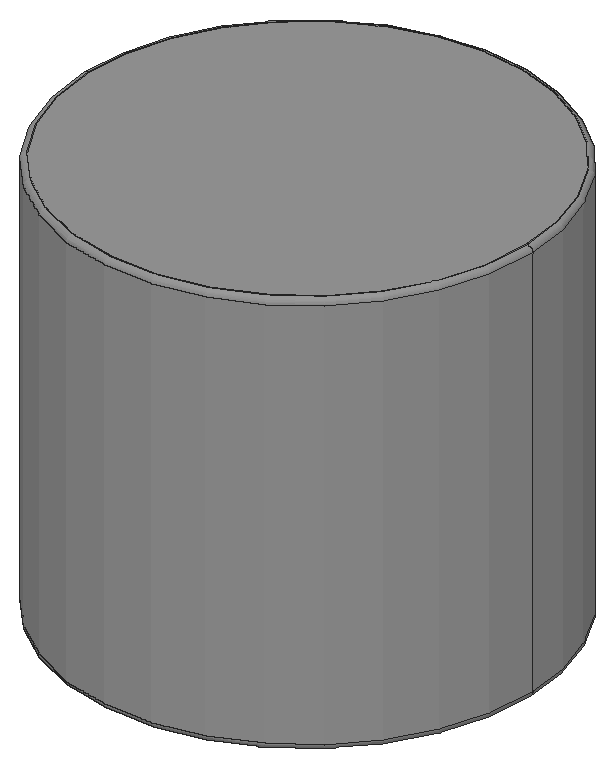
Revit family "TS1035 Elevate Wind 20in Round", category Generic Models, Revit 2018
Family settings
  Can host rebar = No
  Round Connector Dimension = Use Diameter
  Part Type = Normal
  Work Plane-Based = No
  Always vertical = Yes
  Cut with Voids When Loaded = No
  Shared = No
  Room Calculation Point = No
Parameters
  Fabric = TS1035 Elevate Wind 20" Round Fabric
Reference planes (in)
  plane 1 "Center (Front/Back)": y = 0
  plane 2: z = 0
  plane 3 "Center (Left/Right)": x = 0
Forms (in)
  Extrusion 1, solid, material "TS1035 Elevate Wind 20" Round Fabric" <- "Fabric"
    sketch origin (17.13457, -0.8555, 0) x (1, 0, 0) y (0, 1, 0)
      loop
        circle (-17.13457, 0.8555) r 9.75
    from 0 to 18
  Sweep 2, solid, material "TS1035 Elevate Wind 20" Round Fabric" <- "Fabric"
    path origin (17.13457, -0.8555, 0) x (1, 0, 0) y (0, 1, 0)
      loop
        circle (-17.13457, 0.8555) r 9.75
    profile origin (0, -9.75, 0) x (0, 1, 0) y (0, 0, 1)
      loop
        line (0, 0) -> (0, 17.99953)
        arc (0, 17.99953) -> (-0.17765, 17.91651) -> (-0.25, 17.73425) r 0.26575
        line (-0.25, 17.73425) -> (-0.25, 0.25)
        arc (-0.25, 0.25) -> (-0.17678, 0.07322) -> (0, 0) r 0.25
Dimensions and locks (in)
  aligned and locked: plane 2 to level
